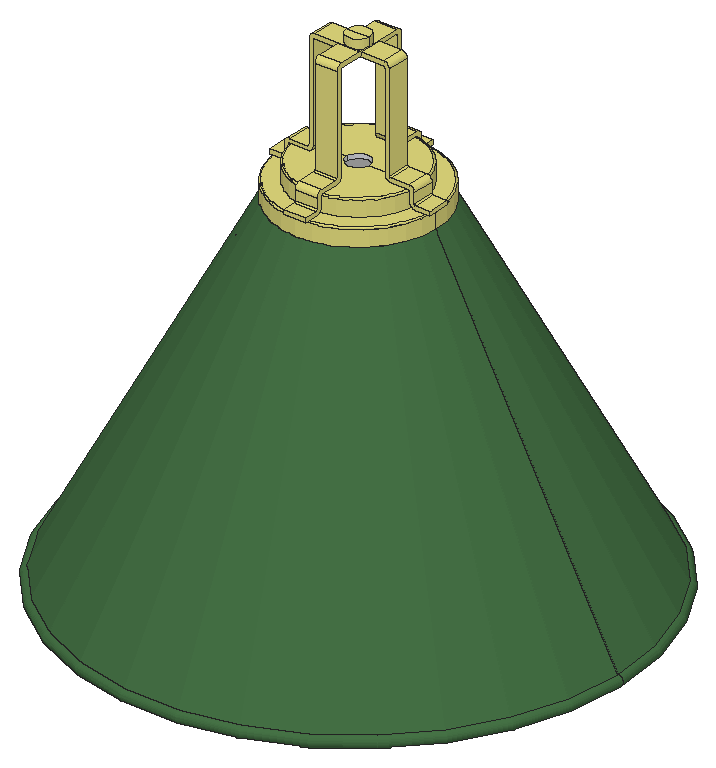
Revit family "BTC12 SHADE", category Lighting Fixtures, Revit 2024
Family settings
  Round Connector Dimension = Use Diameter
  Part Type = Normal
  OmniClass Number = 23.80.70.00
  OmniClass Title = Lighting
  Work Plane-Based = No
  Always vertical = Yes
  Cut with Voids When Loaded = No
  Light Source = Yes
  Maintain Annotation Orientation = No
  Shared = No
  Room Calculation Point = No
Parameters
  Wattage = 12.1178 W
  built-in parameter 1150110 = 1 (stored number, unit not read)
  built-in parameter 1114217 = 1 (stored number, unit not read)
  built-in parameter 1150109 = 1 (stored number, unit not read)
  built-in parameter 1150134 = (empty or 0)
  built-in parameter 1150113 = 1 (stored number, unit not read)
  Lumens = 1800 lm
  built-in parameter 1150115 = 1 (stored number, unit not read)
  built-in parameter 1150105 = 572.96 (stored number, unit not read)
  Light Source Symbol Size = 2' - 0"
  built-in parameter 1150137 = (empty or 0)
  built-in parameter 1150139 = (empty or 0)
  built-in parameter 1150112 = 1 (stored number, unit not read)
  built-in parameter 1150114 = 1 (stored number, unit not read)
  built-in parameter 1150132 = 2
  built-in parameter 1150102 = (empty or 0)
  built-in parameter 1150138 = (empty or 0)
  built-in parameter 1150107 = 3000 (stored number, unit not read)
  built-in parameter 1150106 = 5.7296 (stored number, unit not read)
  built-in parameter 1150104 = 13.8 (stored number, unit not read)
  Dimming Lamp Color Temperature Shift = (empty or 0)
  Default Elevation = 0' - 0"
  Color Filter = 16777215
  built-in parameter 1114218 = 1 (stored number, unit not read)
  built-in parameter 1150133 = 10 (stored number, unit not read)
Reference planes (in)
  plane 1 "Light Source Axis (F/B)": y = 0
  plane 2: z = 0
  plane 3 "Light Source Axis (L/R)": x = 0
  plane 4 "Light Source Elevation": z = 84
Forms (in)
  Revolve 1, solid
    sketch origin (0, 0, 0) x (1, 0, 0) y (0, 0, 1)
      loop
        arc (-5.875, 84.25) -> (-6, 84.125) -> (-5.875, 84) r 0.125
        line (-5.875, 84) -> (-5.79252, 84.20543) -> (-1.70738, 91.76567) -> (-0.26328, 91.76567) -> (-0.26328, 91.85942) -> (-1.76328, 91.85942) -> (-5.875, 84.25)
      axis (0, 84) -> (0, 91.85942)
    angle from 0 to 360
  Revolve 2, solid
    sketch origin (0, 0, 0) x (1, 0, 0) y (0, 0, 1)
      loop
        arc (-1.73375, 92.24664) -> (-1.75585, 92.23749) -> (-1.765, 92.21539) r 0.03125
        line (-1.765, 92.21539) -> (-1.765, 91.85623) -> (-1.67125, 91.85623) -> (-1.67125, 92.15289) -> (-1.28125, 92.15289) -> (-1.28125, 92.52789) -> (-0.26328, 92.52789) -> (-0.26328, 92.62164) -> (-1.34375, 92.62164)
        arc (-1.34375, 92.62164) -> (-1.36585, 92.61249) -> (-1.375, 92.59039) r 0.03125
        line (-1.375, 92.59039) -> (-1.375, 92.24664) -> (-1.73375, 92.24664)
      axis (0, 92.62164) -> (0, 91.85623)
    angle from 0 to 360
  Sweep 3, solid
    path origin (0, 0, 0) x (1, 0, 0) y (0, 0, 1)
      loop
        line (-1.8125, 92.24664) -> (-1.5, 92.24664)
        arc (-1.5, 92.24664) -> (-1.41161, 92.28325) -> (-1.375, 92.37164) r 0.125
        line (-1.375, 92.37164) -> (-1.375, 92.59039)
        arc (-1.375, 92.59039) -> (-1.36585, 92.61249) -> (-1.34375, 92.62164) r 0.03125
        line (-1.34375, 92.62164) -> (-0.9375, 92.62164)
        arc (-0.9375, 92.62164) -> (-0.84911, 92.65825) -> (-0.8125, 92.74664) r 0.125
        line (-0.8125, 92.74664) -> (-0.8125, 94.90867)
        arc (-0.8125, 94.90867) -> (-0.80335, 94.93076) -> (-0.78125, 94.93992) r 0.03125
        line (-0.78125, 94.93992) -> (-0.03125, 94.93992)
    profile origin (-1.65625, 0, 92.24664) x (0, 0, 1) y (0, -1, 0)
      loop
        line (0, 0) -> (0, -0.25) -> (0.09375, -0.25) -> (0.09375, 0.25) -> (0, 0.25) -> (0, 0)
  Sweep 4, solid
    path origin (0, 0, 0) x (0, -1, 0) y (0, 0, 1)
      loop
        line (-1.8125, 92.24664) -> (-1.5, 92.24664)
        arc (-1.5, 92.24664) -> (-1.41161, 92.28325) -> (-1.375, 92.37164) r 0.125
        line (-1.375, 92.37164) -> (-1.375, 92.59039)
        arc (-1.375, 92.59039) -> (-1.36585, 92.61249) -> (-1.34375, 92.62164) r 0.03125
        line (-1.34375, 92.62164) -> (-0.9375, 92.62164)
        arc (-0.9375, 92.62164) -> (-0.84911, 92.65825) -> (-0.8125, 92.74664) r 0.125
        line (-0.8125, 92.74664) -> (-0.8125, 94.90867)
        arc (-0.8125, 94.90867) -> (-0.80335, 94.93076) -> (-0.78125, 94.93992) r 0.03125
        line (-0.78125, 94.93992) -> (-0.03125, 94.93992)
    profile origin (0, 1.65625, 92.24664) x (0, 0, 1) y (-1, 0, 0)
      loop
        line (0, 0) -> (0, -0.25) -> (0.09375, -0.25) -> (0.09375, 0.25) -> (0, 0.25) -> (0, 0)
  Sweep 5, solid
    path origin (0, 0, 0) x (0, 1, 0) y (0, 0, 1)
      loop
        line (-1.8125, 92.24664) -> (-1.5, 92.24664)
        arc (-1.5, 92.24664) -> (-1.41161, 92.28325) -> (-1.375, 92.37164) r 0.125
        line (-1.375, 92.37164) -> (-1.375, 92.59039)
        arc (-1.375, 92.59039) -> (-1.36585, 92.61249) -> (-1.34375, 92.62164) r 0.03125
        line (-1.34375, 92.62164) -> (-0.9375, 92.62164)
        arc (-0.9375, 92.62164) -> (-0.84911, 92.65825) -> (-0.8125, 92.74664) r 0.125
        line (-0.8125, 92.74664) -> (-0.8125, 94.90867)
        arc (-0.8125, 94.90867) -> (-0.80335, 94.93076) -> (-0.78125, 94.93992) r 0.03125
        line (-0.78125, 94.93992) -> (-0.03125, 94.93992)
    profile origin (0, -1.65625, 92.24664) x (0, 0, 1) y (1, 0, 0)
      loop
        line (0, 0) -> (0, -0.25) -> (0.09375, -0.25) -> (0.09375, 0.25) -> (0, 0.25) -> (0, 0)
  Sweep 6, solid
    path origin (0, 0, 0) x (-1, 0, 0) y (0, 0, 1)
      loop
        line (-1.8125, 92.24664) -> (-1.5, 92.24664)
        arc (-1.5, 92.24664) -> (-1.41161, 92.28325) -> (-1.375, 92.37164) r 0.125
        line (-1.375, 92.37164) -> (-1.375, 92.59039)
        arc (-1.375, 92.59039) -> (-1.36585, 92.61249) -> (-1.34375, 92.62164) r 0.03125
        line (-1.34375, 92.62164) -> (-0.9375, 92.62164)
        arc (-0.9375, 92.62164) -> (-0.84911, 92.65825) -> (-0.8125, 92.74664) r 0.125
        line (-0.8125, 92.74664) -> (-0.8125, 94.90867)
        arc (-0.8125, 94.90867) -> (-0.80335, 94.93076) -> (-0.78125, 94.93992) r 0.03125
        line (-0.78125, 94.93992) -> (-0.03125, 94.93992)
    profile origin (1.65625, 0, 92.24664) x (0, 0, 1) y (0, 1, 0)
      loop
        line (0, 0) -> (0, -0.25) -> (0.09375, -0.25) -> (0.09375, 0.25) -> (0, 0.25) -> (0, 0)
  Revolve 7, solid
    sketch origin (0, 0, 0) x (1, 0, 0) y (0, 0, 1)
      loop
        line (0, 94.93992) -> (0, 95.22409) -> (-0.25, 95.22409) -> (-0.25, 94.93992) -> (0, 94.93992)
      axis (0, 95.22409) -> (0, 94.93992)
    angle from 0 to 360
Dimensions and locks (in)
  aligned and locked: plane 1 "Light Source Axis (F/B)" to imposter light
  aligned and locked: plane 4 "Light Source Elevation" to imposter light
  aligned and locked: level to plane 2
